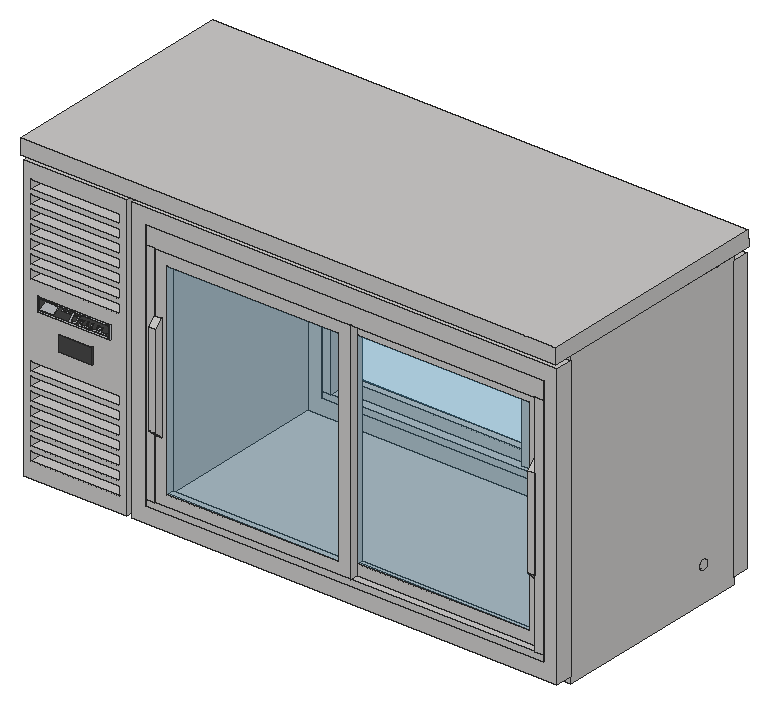
Revit family "QF_TRUE_TBR60-PTSZ1-L-B-11-11-1", category Specialty Equipment, Revit 2016
Family settings
  Part Type = Normal
  Round Connector Dimension = Use Diameter
  Work Plane-Based = No
  Always vertical = Yes
  Cut with Voids When Loaded = No
  Shared = No
  Room Calculation Point = No
Parameters
  Weight in Pounds = 0
  Watts = if(Phase = 3, Volts * FL Amps * 1.73, Volts * FL Amps)  # 0 W
  Waste Water Discharge Temperature = 0 °F
  Volts = 0 V
  URL Cutsheet = ""
  Steam Supply Volume = 0 GPM
  Steam Supply Size = 0"
  Steam Supply RI Height = 0"
  Steam Supply Minimum Pressure = 0.00 psi
  Steam Supply Maximum Pressure = 0.00 psi
  Steam Supply Connection Height = 0"
  Specification by User = ""
  Specification by Manufacturer = ""
  Show Logo [instance] = yes
  Show Clearance [instance] = yes
  Serial Number = ""
  Seismic Rating = ""
  SMACNA No = ""
  Revision Code = ""
  Plumbing Remarks = ""
  Plumbing Connection Type = ""
  Phase = 1
  Number of Poles = 1
  NAFEM Spec ID Number = ""
  Model = "TBR60-PTSZ1-L-B-11-11-1"
  Min Ckt Ampacity = 0 A
  Mechanical Remarks = ""
  Mechanical Connection Type = ""
  Max Overcurrent Protection = 0 A
  Masterspec = ""
  Manufacturer = "TRUE"
  Length = 60"
  Item Number = ""
  Installed By = ""
  Indirect Waste Size = 1/2"
  Indirect Waste Flow = 0 GPM
  Indirect Waste Connection Type = ""
  Indirect Waste Connection Height = 0"
  Identify Quantity as Lot = yes
  Height = 34 11/16"
  HP = "0"
  Furnished By = ""
  Foodservice Equipment Identifier = yes
  FL Amps = 0 A
  Electrical Remarks = ""
  Electric Connection Type = ""
  Elec Conn RI Height = 0"
  Elec Conn Connection Height = 0"
  Description = "REACH-IN SINGLE REFRIGERATOR"
  Depth = 28 7/32"
  Cycle = 0 Hz
  Conn Plug = ""
  Conn Conduit = yes
  Condensate Return Size = 1/2"
  Condensate Return RI Height = 0"
  Condensate Return Connection Height = 0"
  CSI MasterFormat = ""
  Apparent Power = if(Phase = 3, Volts * FL Amps * 1.73, Volts * FL Amps)  # 0 VA
Reference planes (in)
  plane 1 "BACK": y = 0
  plane 2: z = 0
  plane 3 "LEFT": x = 0
  plane 4 "RIGHT": x = 60
  plane 5 "FRONT": y = -28.21875
  plane 6 "TOP": z = 34.6875
  plane 7 "Center Y": x = 30
  plane 8 "Center X": y = -14.10937
  plane 9: z = 0.78125
  plane 10: z = 32.46875
  plane 11: x = 46.65625
  plane 12: z = 16
  plane 13: x = 46.65625
  plane 14: z = 16
Forms (in)
  Extrusion 1, solid, material "QF_Metal - Stainless - Polished"
    sketch origin (0, -2.73436, 0) x (0, 1, 0) y (0, 0, 1)
      loop
        line (-24.85939, 34.6875) -> (-24.85939, 32.9375) -> (2.07811, 32.9375) -> (2.07811, 34.6875) -> (-24.85939, 34.6875)
    from 0 to 60
  Extrusion 2, solid, material "QF_Plastic - Black - Transparent"
    sketch origin (0.04324, -27.40625, 0) x (1, 0, 0) y (0, 0, 1)
      loop
        line (4.20676, 16.37472) -> (4.20676, 14.62472) -> (7.87863, 14.62472) -> (7.87863, 16.37472) -> (4.20676, 16.37472)
    from 0 to 0.125
  Extrusion 3, solid, material "QF_Metal - Stainless - Polished"
    sketch origin (0, -6.34373, 0) x (1, 0, 0) y (0, 1, 0)
      loop
        circle (16.75, -1.34377) r 0.5
      loop
        circle (52.25, -0.71877) r 0.5
    from 0 to 0.125
  Extrusion 4, solid, material "QF_Metal - Stainless - Polished"
    sketch origin (60, -2.73436, 0) x (0, 0, 1) y (0, -1, 0)
      loop
        circle (3.9375, 4.32814) r 0.5
    from 0 to 0.125
  Extrusion 5, solid, material "QF_Metal - Stainless - Polished"
    sketch origin (0, -25.51563, 0) x (1, 0, 0) y (0, 0, 1)
      loop
        line (0.20313, 0.78125) -> (11.79688, 0.78125) -> (11.79688, 32.46875) -> (0.20313, 32.46875) -> (0.20313, 0.78125)
      loop
        line (1.03906, 30.81709) -> (1.03906, 29.81709) -> (10.96094, 29.81709) -> (10.96094, 30.81709) -> (1.03906, 30.81709)
      loop
        line (1.03906, 29.31709) -> (1.03906, 28.31709) -> (10.96094, 28.31709) -> (10.96094, 29.31709) -> (1.03906, 29.31709)
      loop
        line (1.03906, 27.81709) -> (1.03906, 26.81709) -> (10.96094, 26.81709) -> (10.96094, 27.81709) -> (1.03906, 27.81709)
      loop
        line (1.03906, 26.31709) -> (1.03906, 25.31709) -> (10.96094, 25.31709) -> (10.96094, 26.31709) -> (1.03906, 26.31709)
      loop
        line (1.03906, 24.81709) -> (1.03906, 23.81709) -> (10.96094, 23.81709) -> (10.96094, 24.81709) -> (1.03906, 24.81709)
      loop
        line (1.03906, 21.81709) -> (1.03906, 20.81709) -> (10.96094, 20.81709) -> (10.96094, 21.81709) -> (1.03906, 21.81709)
      loop
        line (1.03906, 23.31709) -> (1.03906, 22.31709) -> (10.96094, 22.31709) -> (10.96094, 23.31709) -> (1.03906, 23.31709)
      loop
        line (1.03906, 12.56709) -> (1.03906, 11.56709) -> (10.96094, 11.56709) -> (10.96094, 12.56709) -> (1.03906, 12.56709)
      loop
        line (1.03906, 11.06709) -> (1.03906, 10.06709) -> (10.96094, 10.06709) -> (10.96094, 11.06709) -> (1.03906, 11.06709)
      loop
        line (1.03906, 9.56709) -> (1.03906, 8.56709) -> (10.96094, 8.56709) -> (10.96094, 9.56709) -> (1.03906, 9.56709)
      loop
        line (1.03906, 8.06709) -> (1.03906, 7.06709) -> (10.96094, 7.06709) -> (10.96094, 8.06709) -> (1.03906, 8.06709)
      loop
        line (1.03906, 6.56709) -> (1.03906, 5.56709) -> (10.96094, 5.56709) -> (10.96094, 6.56709) -> (1.03906, 6.56709)
      loop
        line (1.03906, 3.56709) -> (1.03906, 2.56709) -> (10.96094, 2.56709) -> (10.96094, 3.56709) -> (1.03906, 3.56709)
      loop
        line (1.03906, 5.06709) -> (1.03906, 4.06709) -> (10.96094, 4.06709) -> (10.96094, 5.06709) -> (1.03906, 5.06709)
    from -0.01563 to 1.89062
  Extrusion 6, solid, material "QF_Metal - Stainless - Polished"
    sketch origin (0, -2.71874, 0) x (1, 0, 0) y (0, 0, 1)
      loop
        line (59, 0.78125) -> (59, 32.46875) -> (12.375, 32.46875) -> (12.375, 0.78125) -> (59, 0.78125)
      loop
        line (60, 32.9375) -> (0, 32.9375) -> (0, 0) -> (60, 0) -> (60, 32.9375)
    from 0.03126 to 22.78126
  Extrusion 7, solid, material "QF_Metal - Stainless - Polished"
    sketch origin (0, -2.73437, 0) x (1, 0, 0) y (0, 0, -1)
      loop
        line (0.20313, -0.78125) -> (0.20313, -32.46875) -> (11.79688, -32.46875) -> (11.79688, -0.78125) -> (0.20313, -0.78125)
      loop
        line (1.03906, -30.81709) -> (10.96094, -30.81709) -> (10.96094, -29.81709) -> (1.03906, -29.81709) -> (1.03906, -30.81709)
      loop
        line (1.03906, -29.31709) -> (10.96094, -29.31709) -> (10.96094, -28.31709) -> (1.03906, -28.31709) -> (1.03906, -29.31709)
      loop
        line (1.03906, -27.81709) -> (10.96094, -27.81709) -> (10.96094, -26.81709) -> (1.03906, -26.81709) -> (1.03906, -27.81709)
      loop
        line (1.03906, -26.31709) -> (10.96094, -26.31709) -> (10.96094, -25.31709) -> (1.03906, -25.31709) -> (1.03906, -26.31709)
      loop
        line (1.03906, -24.81709) -> (10.96094, -24.81709) -> (10.96094, -23.81709) -> (1.03906, -23.81709) -> (1.03906, -24.81709)
      loop
        line (1.03906, -21.81709) -> (10.96094, -21.81709) -> (10.96094, -20.81709) -> (1.03906, -20.81709) -> (1.03906, -21.81709)
      loop
        line (1.03906, -23.31709) -> (10.96094, -23.31709) -> (10.96094, -22.31709) -> (1.03906, -22.31709) -> (1.03906, -23.31709)
      loop
        line (1.03906, -12.56709) -> (10.96094, -12.56709) -> (10.96094, -11.56709) -> (1.03906, -11.56709) -> (1.03906, -12.56709)
      loop
        line (1.03906, -11.06709) -> (10.96094, -11.06709) -> (10.96094, -10.06709) -> (1.03906, -10.06709) -> (1.03906, -11.06709)
      loop
        line (1.03906, -9.56709) -> (10.96094, -9.56709) -> (10.96094, -8.56709) -> (1.03906, -8.56709) -> (1.03906, -9.56709)
      loop
        line (1.03906, -8.06709) -> (10.96094, -8.06709) -> (10.96094, -7.06709) -> (1.03906, -7.06709) -> (1.03906, -8.06709)
      loop
        line (1.03906, -6.56709) -> (10.96094, -6.56709) -> (10.96094, -5.56709) -> (1.03906, -5.56709) -> (1.03906, -6.56709)
      loop
        line (1.03906, -3.56709) -> (10.96094, -3.56709) -> (10.96094, -2.56709) -> (1.03906, -2.56709) -> (1.03906, -3.56709)
      loop
        line (1.03906, -5.06709) -> (10.96094, -5.06709) -> (10.96094, -4.06709) -> (1.03906, -4.06709) -> (1.03906, -5.06709)
    from -0.01563 to 1.89062
  Extrusion 8, solid, material "QF_Metal - Stainless - Polished"
    sketch origin (0.20313, -2.73437, 0.78125) x (0, -1, 0) y (-1, 0, 0)
      loop
        circle (-0.9375, -5.79688) r 0.25
    from 0 to 0.25
  Extrusion 9, solid, material "QF_Metal - Stainless - Polished"
    sketch origin (0, -25.5, 0) x (1, 0, 0) y (0, 0, 1)
      loop
        line (12.375, 0.78125) -> (60, 0.78125) -> (60, 32.46875) -> (12.375, 32.46875) -> (12.375, 0.78125)
      loop
        line (13.875, 30.71875) -> (13.875, 2.53125) -> (58.5, 2.53125) -> (58.5, 30.71875) -> (13.875, 30.71875)
    from 0 to 1.90625
  Extrusion 10, solid, material "QF_Metal - Stainless - Polished"
    sketch origin (0, -25.5, 0) x (-1, 0, 0) y (0, 0, 1)
      loop
        line (-13.875, 30.71875) -> (-58.5, 30.71875) -> (-58.5, 28.76563) -> (-13.875, 28.76563) -> (-13.875, 30.71875)
      loop
        line (-58.5, 3.23437) -> (-58.5, 2.53125) -> (-13.875, 2.53125) -> (-13.875, 3.23437) -> (-58.5, 3.23437)
    from 0 to -1.90625
  Extrusion 11, solid, material "QF_Metal - Stainless - Polished"
    sketch origin (0, -25.5, 0) x (-1, 0, 0) y (0, 0, 1)
      loop
        line (-13.875, 28.76562) -> (-14.90625, 28.76562) -> (-14.90625, 3.23437) -> (-13.875, 3.23437) -> (-13.875, 28.76562)
      loop
        line (-58.5, 28.76562) -> (-58.5, 3.23437) -> (-57.46875, 3.23437) -> (-57.46875, 28.76562) -> (-58.5, 28.76562)
    from 0 to -1.90625
  Extrusion 12, solid, material "QF_Metal - Stainless - Polished"
    sketch origin (0.03125, -27.40625, 0) x (1, 0, 0) y (0, 0, 1)
      loop
        line (14.875, 28.76563) -> (14.875, 3.23438) -> (36.875, 3.23438) -> (36.875, 28.76563) -> (14.875, 28.76563)
      loop
        line (16.23438, 27.48438) -> (16.23438, 4.51563) -> (35.51563, 4.51563) -> (35.51563, 27.48438) -> (16.23438, 27.48438)
    from 0 to -0.82813
  Extrusion 13, solid, material "QF_Metal - Stainless - Polished"
    sketch origin (14.90625, -27.40625, 3.23437) x (0, 0, 1) y (0, 1, 0)
      loop
        line (18.78125, 0) -> (6.75, 0) -> (7.5625, -0.8125) -> (17.96875, -0.8125) -> (18.78125, 0)
    from 0 to -0.75
  Extrusion 14, solid, material "Glass"
    sketch origin (0.03125, -27.40625, 0) x (1, 0, 0) y (0, 0, 1)
      loop
        line (16.23438, 27.48438) -> (16.23438, 4.51563) -> (35.51563, 4.51563) -> (35.51563, 27.48438) -> (16.23438, 27.48438)
    from 0 to -0.125
  Extrusion 15, solid, material "QF_Metal - Stainless - Polished"
    sketch origin (56.71875, -26.57812, 28.46875) x (0, 0, 1) y (0, 1, 0)
      loop
        line (-6.5, 0) -> (-18.4375, 0) -> (-17.60937, -0.82813) -> (-7.32813, -0.82813) -> (-6.5, 0)
    from 0 to -0.75
  Extrusion 16, solid, material "QF_Metal - Stainless - Polished"
    sketch origin (-0.03125, -26.57812, 0) x (-1, 0, 0) y (0, 0, 1)
      loop
        line (-57.5, 28.76563) -> (-57.5, 3.23437) -> (-35.875, 3.23437) -> (-35.875, 28.76563) -> (-57.5, 28.76563)
      loop
        line (-56.32813, 27.48437) -> (-56.32813, 4.51562) -> (-37.04688, 4.51562) -> (-37.04688, 27.48437) -> (-56.32813, 27.48437)
    from 0 to 0.5
  Extrusion 17, solid, material "Glass"
    sketch origin (-0.03125, -26.57812, 0) x (1, 0, 0) y (0, 0, 1)
      loop
        line (37.04688, 27.48437) -> (37.04688, 4.51562) -> (56.32813, 4.51562) -> (56.32813, 27.48437) -> (37.04688, 27.48437)
    from 0 to -0.125
  Extrusion 18, solid, material "QF_Metal - Stainless - Polished"
    sketch origin (0, -2.75, 0) x (-1, 0, 0) y (0, 0, -1)
      loop
        line (-13.875, -30.71875) -> (-13.875, -28.76563) -> (-58.5, -28.76563) -> (-58.5, -30.71875) -> (-13.875, -30.71875)
      loop
        line (-58.5, -3.23437) -> (-13.875, -3.23437) -> (-13.875, -2.53125) -> (-58.5, -2.53125) -> (-58.5, -3.23437)
    from 0 to -1.90625
  Extrusion 19, solid, material "QF_Metal - Stainless - Polished"
    sketch origin (0, -2.75, 0) x (-1, 0, 0) y (0, 0, -1)
      loop
        line (-13.875, -28.76562) -> (-13.875, -3.23437) -> (-14.90625, -3.23437) -> (-14.90625, -28.76562) -> (-13.875, -28.76562)
      loop
        line (-58.5, -28.76562) -> (-57.46875, -28.76562) -> (-57.46875, -3.23437) -> (-58.5, -3.23437) -> (-58.5, -28.76562)
    from 0 to -1.90625
  Extrusion 20, solid, material "QF_Metal - Stainless - Polished"
    sketch origin (0.03125, -0.84375, 0) x (1, 0, 0) y (0, 0, -1)
      loop
        line (14.875, -28.76563) -> (36.875, -28.76563) -> (36.875, -3.23438) -> (14.875, -3.23438) -> (14.875, -28.76563)
      loop
        line (16.23438, -27.48438) -> (35.51563, -27.48438) -> (35.51563, -4.51563) -> (16.23438, -4.51563) -> (16.23438, -27.48438)
    from 0 to -0.82813
  Extrusion 21, solid, material "QF_Metal - Stainless - Polished"
    sketch origin (14.90625, -0.84375, 3.23437) x (0, 0, 1) y (0, 1, 0)
      loop
        line (18.78125, 0) -> (17.9375, 0.84375) -> (7.59375, 0.84375) -> (6.75, 0) -> (18.78125, 0)
    from 0 to -0.75
  Extrusion 22, solid, material "Glass"
    sketch origin (0.03125, -0.84375, 0) x (1, 0, 0) y (0, 0, -1)
      loop
        line (16.23438, -27.48438) -> (35.51563, -27.48438) -> (35.51563, -4.51563) -> (16.23438, -4.51563) -> (16.23438, -27.48438)
    from 0 to -0.125
  Extrusion 23, solid, material "QF_Metal - Stainless - Polished"
    sketch origin (56.71875, -1.67188, 28.46875) x (0, 0, 1) y (0, 1, 0)
      loop
        line (-6.5, 0) -> (-7.32813, 0.82813) -> (-17.60937, 0.82813) -> (-18.4375, 0) -> (-6.5, 0)
    from 0 to -0.75
  Extrusion 24, solid, material "QF_Metal - Stainless - Polished"
    sketch origin (-0.03125, -1.67188, 0) x (-1, 0, 0) y (0, 0, -1)
      loop
        line (-57.5, -28.76563) -> (-35.875, -28.76563) -> (-35.875, -3.23437) -> (-57.5, -3.23437) -> (-57.5, -28.76563)
      loop
        line (-56.32813, -27.48437) -> (-37.04688, -27.48437) -> (-37.04688, -4.51562) -> (-56.32813, -4.51562) -> (-56.32813, -27.48437)
    from 0 to 0.5
  Extrusion 25, solid, material "Glass"
    sketch origin (-0.03125, -1.67188, 0) x (1, 0, 0) y (0, 0, -1)
      loop
        line (37.04688, -27.48437) -> (56.32813, -27.48437) -> (56.32813, -4.51562) -> (37.04688, -4.51562) -> (37.04688, -27.48437)
    from 0 to -0.125
  Extrusion 26, solid, material "QF_Metal - Stainless - Polished"
    sketch origin (0, -2.75, 0) x (1, 0, 0) y (0, 0, -1)
      loop
        line (12.375, -0.78125) -> (12.375, -32.46875) -> (60, -32.46875) -> (60, -0.78125) -> (12.375, -0.78125)
      loop
        line (13.875, -30.71875) -> (58.5, -30.71875) -> (58.5, -2.53125) -> (13.875, -2.53125) -> (13.875, -30.71875)
    from 0 to 1.90625
Lines and regions (in)
  Split face 1
    outline origin (0, -25.5, 0) x (1, 0, 0) y (0, 0, 1)
      loop
        line (1.03906, 30.81709) -> (1.03906, 2.56709) -> (11.08594, 2.56709) -> (11.08594, 30.81709) -> (1.03906, 30.81709)
  Split face 2
    outline origin (0, -2.75, 0) x (1, 0, 0) y (0, 0, 1)
      loop
        line (11.08594, 30.81709) -> (1.03906, 30.81709) -> (1.03906, 2.56709) -> (11.08594, 2.56709) -> (11.08594, 30.81709)
  symbolic lines
    curve 1: line (0, -27.59375, 0) -> (0, -0.65625, 0)
    curve 2: line (60, -27.59375, 0) -> (0, -27.59375, 0)
    curve 3: line (60, -0.65625, 0) -> (60, -27.59375, 0)
    curve 4: line (0, -0.65625, 0) -> (60, -0.65625, 0)
    curve 5: line (14.90625, 0, 0) -> (14.90625, -0.65625, 0)
    curve 6: line (14.90625, 0, 0) -> (15.65625, 0, 0)
    curve 7: line (15.65625, 0, 0) -> (15.65625, -0.65625, 0)
    curve 8: line (14.90625, -28.21875, 0) -> (14.90625, -27.59375, 0)
    curve 9: line (14.90625, -28.21875, 0) -> (15.65625, -28.21875, 0)
    curve 10: line (15.65625, -28.21875, 0) -> (15.65625, -27.59375, 0)
Dimensions and locks (in)
  equal spacing: plane 3 "LEFT", plane 7 "Center Y", plane 4 "RIGHT"
  "Length": plane 3 "LEFT" to plane 4 "RIGHT"
  equal spacing: plane 5 "FRONT", plane 8 "Center X", plane 1 "BACK"
  "Depth": plane 5 "FRONT" to plane 1 "BACK"
  "Height": plane 6 "TOP" to level
  plane 3 "LEFT" to plane 4 "RIGHT" = 60"
  plane 5 "FRONT" to plane 1 "BACK" = 28 7/32"
  plane 9 to level = 25/32"
  plane 6 "TOP" to plane 10 = 2 7/32"
  plane 10 to plane 9 = 31 11/16"
  Extrusion 4 sketch curve to level = 3 15/16"
  Extrusion 1 to Extrusion 3 sketch curve = 6 13/32"
  Extrusion 3 sketch curve to plane 4 "RIGHT" = 7 3/4"
  plane 3 "LEFT" to Extrusion 3 sketch curve = 16 3/4"
  Extrusion 1 to Extrusion 3 sketch curve = 7 1/32"
  Extrusion 1 to Extrusion 1 = 26 15/16"
  Extrusion 5 to Extrusion 7 = 26 9/16"
  Extrusion 17 to Extrusion 17 = 22 31/32"
  Extrusion 17 to Extrusion 17 = 19 9/32"
  Extrusion 12 to Extrusion 11 = 42 9/16"
  aligned and locked: level to plane 2
Automatic sketch dimensions
  Extrusion 2 sketch curve to Extrusion 2 sketch curve = 3 43/64"
  Extrusion 2 sketch curve to Extrusion 2 sketch curve = 1 3/4"
  Extrusion 5 sketch curve to Extrusion 5 sketch curve = 0"  (x25)
  Extrusion 5 sketch curve to Extrusion 5 sketch curve = 9 59/64"
  Extrusion 5 sketch curve to Extrusion 5 sketch curve = 107/128"  (x3)
  Extrusion 5 sketch curve to Extrusion 5 sketch curve = 1"  (x14)
  Extrusion 5 sketch curve to Extrusion 5 sketch curve = 1/2"  (x12)
  Extrusion 5 sketch curve to Extrusion 5 sketch curve = 8 1/4"
  Split face 1 sketch curve to Extrusion 6 = 1 5/128"
  Split face 1 sketch curve to Extrusion 6 = 1 37/128"
  Extrusion 6 to Split face 1 sketch curve = 1.78584"
  Extrusion 6 to Split face 1 sketch curve = 1.65166"
  Extrusion 7 sketch curve to Extrusion 7 sketch curve = 0"  (x25)
  Extrusion 7 sketch curve to Extrusion 7 sketch curve = 9 59/64"
  Extrusion 7 sketch curve to Extrusion 7 sketch curve = 107/128"  (x3)
  Extrusion 7 sketch curve to Extrusion 7 sketch curve = 1"  (x14)
  Extrusion 7 sketch curve to Extrusion 7 sketch curve = 1/2"  (x12)
  Extrusion 7 sketch curve to Extrusion 7 sketch curve = 8 1/4"
  Split face 2 sketch curve to Extrusion 6 = 1 5/128"
  Split face 2 sketch curve to Extrusion 6 = 1 37/128"
  Extrusion 6 to Split face 2 sketch curve = 1.78584"
  Extrusion 6 to Split face 2 sketch curve = 1.65166"
  Extrusion 8 sketch curve to Extrusion 7 = 61/64"
  Extrusion 8 sketch curve to Extrusion 7 = 5 51/64"
  Extrusion 9 sketch curve to Extrusion 9 sketch curve = 1 1/2"  (x2)
  Extrusion 9 to Extrusion 10 sketch curve = 0"  (x2)
  Extrusion 10 sketch curve to Extrusion 9 = 0"  (x4)
  Extrusion 9 to Extrusion 10 sketch curve = 45/64"
  Extrusion 10 sketch curve to Extrusion 10 sketch curve = 1 61/64"
  Extrusion 9 to Extrusion 11 sketch curve = 0"
  Extrusion 11 sketch curve to Extrusion 9 = 0"
  Extrusion 9 to Extrusion 11 sketch curve = 1 1/32"  (x2)
  Extrusion 9 to Extrusion 11 sketch curve = 45/64"  (x2)
  Extrusion 9 to Extrusion 11 sketch curve = 1 61/64"  (x2)
  Extrusion 12 sketch curve to Extrusion 12 sketch curve = 1 23/64"  (x2)
  Extrusion 12 sketch curve to Extrusion 12 sketch curve = 1 9/32"  (x2)
  Extrusion 13 sketch curve to Extrusion 12 = 0"
  Extrusion 12 to Extrusion 13 sketch curve = 6 3/4"
  Extrusion 13 sketch curve to Extrusion 13 sketch curve = 13/16"  (x2)
  Extrusion 13 sketch curve to Extrusion 12 = 13/16"
  Extrusion 13 sketch curve to Extrusion 12 = 7 9/16"
  Extrusion 15 sketch curve to Extrusion 15 sketch curve = 53/64"  (x3)
  Extrusion 15 sketch curve to Extrusion 15 sketch curve = 10 9/32"
  Extrusion 16 sketch curve to Extrusion 16 sketch curve = 1 11/64"  (x2)
  Extrusion 16 sketch curve to Extrusion 16 sketch curve = 1 9/32"  (x2)
  Extrusion 18 sketch curve to Extrusion 18 sketch curve = 1 61/64"
  Extrusion 18 sketch curve to Extrusion 18 sketch curve = 45/64"
  Extrusion 19 sketch curve to Extrusion 19 sketch curve = 1 1/32"  (x2)
  Extrusion 20 sketch curve to Extrusion 20 sketch curve = 1 23/64"  (x2)
  Extrusion 20 sketch curve to Extrusion 20 sketch curve = 1 9/32"  (x2)
  Extrusion 21 sketch curve to Extrusion 20 = 0"
  Extrusion 20 to Extrusion 21 sketch curve = 6 3/4"
  Extrusion 21 sketch curve to Extrusion 21 sketch curve = 27/32"  (x2)
  Extrusion 21 sketch curve to Extrusion 20 = 27/32"
  Extrusion 21 sketch curve to Extrusion 20 = 7 19/32"
  Extrusion 23 sketch curve to Extrusion 23 sketch curve = 53/64"  (x3)
  Extrusion 23 sketch curve to Extrusion 23 sketch curve = 10 9/32"
  Extrusion 24 sketch curve to Extrusion 24 sketch curve = 1 11/64"  (x2)
  Extrusion 24 sketch curve to Extrusion 24 sketch curve = 1 9/32"  (x2)
  Extrusion 26 sketch curve to Extrusion 26 sketch curve = 1 1/2"  (x2)
  Extrusion 1 sketch curve to Extrusion 1 sketch curve = 26 15/16"
  Extrusion 1 sketch curve to Extrusion 1 sketch curve = 1 3/4"
  Extrusion 5 sketch curve to Extrusion 5 sketch curve = 1.78584"
  Extrusion 5 sketch curve to Extrusion 5 sketch curve = 1.65166"
  Extrusion 6 sketch curve to Extrusion 6 sketch curve = 12 3/8"
  Extrusion 6 sketch curve to Extrusion 6 sketch curve = 46 5/8"
  Extrusion 6 sketch curve to Extrusion 6 sketch curve = 1"
  Extrusion 6 sketch curve to Extrusion 6 sketch curve = 25/32"
  Extrusion 6 sketch curve to Extrusion 6 sketch curve = 31 11/16"
  Extrusion 6 sketch curve to Extrusion 6 sketch curve = 15/32"
  Extrusion 7 sketch curve to Extrusion 7 sketch curve = 1.65166"
  Extrusion 7 sketch curve to Extrusion 7 sketch curve = 1.78584"
  Extrusion 9 sketch curve to Extrusion 9 sketch curve = 44 5/8"
  Extrusion 9 sketch curve to Extrusion 9 sketch curve = 1 3/4"  (x2)
  Extrusion 9 sketch curve to Extrusion 9 sketch curve = 28 3/16"
  Extrusion 12 sketch curve to Extrusion 12 sketch curve = 19 9/32"
  Extrusion 12 sketch curve to Extrusion 12 sketch curve = 22 31/32"
  Extrusion 14 sketch curve to Extrusion 14 sketch curve = 19 9/32"
  Extrusion 14 sketch curve to Extrusion 14 sketch curve = 22 31/32"
  Extrusion 16 sketch curve to Extrusion 16 sketch curve = 19 9/32"
  Extrusion 16 sketch curve to Extrusion 16 sketch curve = 22 31/32"
  Extrusion 17 sketch curve to plane 11 = 9 41/64"
  plane 11 to Extrusion 17 sketch curve = 9 41/64"
  plane 12 to Extrusion 17 sketch curve = 11 31/64"
  Extrusion 17 sketch curve to plane 12 = 11 31/64"
  Extrusion 18 sketch curve to Extrusion 18 sketch curve = 0"  (x2)
  Extrusion 18 sketch curve to Extrusion 18 sketch curve = 44 5/8"
  Extrusion 18 sketch curve to Extrusion 18 sketch curve = 25 17/32"
  Extrusion 19 sketch curve to Extrusion 19 sketch curve = 42 9/16"
  Extrusion 19 sketch curve to Extrusion 19 sketch curve = 0"
  Extrusion 19 sketch curve to Extrusion 19 sketch curve = 25 17/32"  (x2)
  Extrusion 20 sketch curve to Extrusion 20 sketch curve = 19 9/32"
  Extrusion 20 sketch curve to Extrusion 20 sketch curve = 22 31/32"
  Extrusion 22 sketch curve to Extrusion 22 sketch curve = 19 9/32"
  Extrusion 22 sketch curve to Extrusion 22 sketch curve = 22 31/32"
  Extrusion 24 sketch curve to Extrusion 24 sketch curve = 19 9/32"
  Extrusion 24 sketch curve to Extrusion 24 sketch curve = 22 31/32"
  Extrusion 25 sketch curve to plane 13 = 9 41/64"
  plane 13 to Extrusion 25 sketch curve = 9 41/64"
  Extrusion 25 sketch curve to plane 14 = 11 31/64"
  plane 14 to Extrusion 25 sketch curve = 11 31/64"
  Extrusion 26 sketch curve to Extrusion 26 sketch curve = 44 5/8"
  Extrusion 26 sketch curve to Extrusion 26 sketch curve = 1 3/4"  (x2)
  Extrusion 26 sketch curve to Extrusion 26 sketch curve = 28 3/16"
  Extrusion 1 sketch curve to plane 6 "TOP" = 0"
  Extrusion 1 sketch curve to plane 5 "FRONT" = 5/8"
  plane 3 "LEFT" to Extrusion 2 sketch curve = 4 1/4"
  plane 9 to Extrusion 2 sketch curve = 13.84347"
  plane 8 "Center X" to Extrusion 4 sketch curve = 7 3/64"
  Extrusion 5 sketch curve to plane 10 = 0"
  plane 3 "LEFT" to Extrusion 5 sketch curve = 13/64"
  Extrusion 6 sketch curve to plane 3 "LEFT" = 0"
  Extrusion 6 sketch curve to level = 0"
  Extrusion 7 sketch curve to plane 10 = 0"
  plane 3 "LEFT" to Extrusion 7 sketch curve = 13/64"
  Extrusion 9 sketch curve to plane 10 = 0"
  plane 4 "RIGHT" to Extrusion 9 sketch curve = 0"
  plane 9 to Extrusion 12 sketch curve = 2 29/64"
  plane 3 "LEFT" to Extrusion 12 sketch curve = 14 29/32"
  Extrusion 14 sketch curve to plane 10 = 4 63/64"
  Extrusion 14 sketch curve to plane 7 "Center Y" = 13 47/64"
  Extrusion 15 sketch curve to plane 5 "FRONT" = 1 41/64"
  plane 9 to Extrusion 15 sketch curve = 9 1/4"
  plane 4 "RIGHT" to Extrusion 16 sketch curve = 2 17/32"
  plane 9 to Extrusion 16 sketch curve = 2 29/64"
  plane 4 "RIGHT" to Extrusion 18 sketch curve = 1 1/2"
  Extrusion 18 sketch curve to plane 10 = 1 3/4"
  plane 4 "RIGHT" to Extrusion 19 sketch curve = 1 1/2"
  Extrusion 19 sketch curve to plane 10 = 3 45/64"
  plane 9 to Extrusion 20 sketch curve = 2 29/64"
  plane 3 "LEFT" to Extrusion 20 sketch curve = 14 29/32"
  Extrusion 22 sketch curve to plane 10 = 4 63/64"
  Extrusion 22 sketch curve to plane 7 "Center Y" = 13 47/64"
  plane 1 "BACK" to Extrusion 23 sketch curve = 1 43/64"
  plane 9 to Extrusion 23 sketch curve = 9 1/4"
  plane 4 "RIGHT" to Extrusion 24 sketch curve = 2 17/32"
  Extrusion 24 sketch curve to plane 10 = 3 45/64"
  Extrusion 26 sketch curve to plane 10 = 0"
  plane 4 "RIGHT" to Extrusion 26 sketch curve = 0"
  curve 1 to plane 3 "LEFT" = 0"
  plane 5 "FRONT" to curve 8 = 0"
  plane 1 "BACK" to curve 6 = 0"
  curve 3 to plane 4 "RIGHT" = 0"
  plane 3 "LEFT" to curve 8 = 14 29/32"
  plane 3 "LEFT" to curve 6 = 14 29/32"
  curve 5 to curve 6 = 3/4"
  curve 3 to plane 5 "FRONT" = 5/8"
  plane 1 "BACK" to curve 1 = 21/32"
  curve 8 to curve 10 = 3/4"
  radius of Extrusion 3 sketch curve = 1/2"  (x2)
  radius of Extrusion 4 sketch curve = 1/2"
  radius of Extrusion 8 sketch curve = 1/4"
Nested families (in)
  nested 1: "QF_LOGO_TRUE" at (1.85445, -27.40625, 17.85445), visible <- "Show Logo", Show Logo <- "Show Logo", type "QF_LOGO_TRUE", detail levels medium+fine
    with Show Logo yes
Connectors (in)
  electrical at (6, -1.79688, 0.53125), driven by "Volts", driven by "Watts"
    settings: on Extrusion 8, index 1, voltage 0 V, apparent load 0 VA, apparent load phase1 0 VA, apparent load phase2 0 VA, apparent load phase3 0 VA, power factor 1, load classification "Other", number of poles 1, system type 30, power factor state 1, is connector primary yes, connector utility no, sub classification motor no, connector description "ELECTRICAL CONNECTION"
  piping at (16.75, -7.6875, 0), diameter 2.25
    settings: on Extrusion 3, index 2, connector inside diameter 24", connector length 0", flow factor 0, pipe flow 0 GPM, pressure drop 0.00 psi, fitting loss kfactor 0, connector angle 0.00°, fixture units 0, engagement length 0", angle of deflection 0.00°, flow configuration 1, flow direction 2, fitting loss method 0, system type 16, joint type 0, gender type 0, connector reference index -1, connector utility 0, adjustable connector no, is connector primary yes, connector description "FLOOR ACCESS"
  piping at (52.25, -7.0625, 0), diameter 0.5, driven by "Indirect Waste Flow", driven by "Indirect Waste Size"
    settings: on Extrusion 3, index 3, connector inside diameter 24", connector length 0", flow factor 0, pipe flow 0 GPM, pressure drop 0.00 psi, fitting loss kfactor 0, connector angle 0.00°, fixture units 0, engagement length 0", angle of deflection 0.00°, flow configuration 1, flow direction 2, fitting loss method 0, system type 16, joint type 0, gender type 0, connector reference index -1, connector utility 0, adjustable connector no, is connector primary no, connector description "DRAIN"
  piping at (60.125, -7.0625, 3.9375), diameter 1
    settings: on Extrusion 4, index 4, connector inside diameter 24", connector length 0", flow factor 0, pipe flow 0 GPM, pressure drop 0.00 psi, fitting loss kfactor 0, connector angle 0.00°, fixture units 0, engagement length 0", angle of deflection 0.00°, flow configuration 1, flow direction 1, fitting loss method 0, system type 7, joint type 0, gender type 0, connector reference index -1, connector utility 0, adjustable connector no, is connector primary no, connector description "CONDENSING UNIT"
Definition of nested family "QF_LOGO_TRUE"
  Parameters (values of type "QF_LOGO_TRUE")
    Show Logo [instance] = yes
  Reference planes (in)
    plane 1 "Center (Front/Back)": y = 0
    plane 2: z = 0
    plane 3 "Center (Left/Right)": x = 0
  Forms (in)
    Extrusion 1, solid, visible <- "Show Logo"
      sketch origin (-78.34647, 34.76905, -30.51001) x (1, 0, 0) y (0, 0, 1)
        loop
          line (81.15226, 31.65456) -> (81.07353, 31.48573) -> (82.12083, 31.48573)
          arc (82.12083, 31.48573) -> (82.14208, 31.44814) -> (82.12083, 31.41055) r 0.04386
          line (82.12083, 31.41055) -> (81.84767, 30.82478)
          arc (81.84767, 30.82478) -> (81.84531, 30.77052) -> (81.882, 30.73048) r 0.07096
          line (81.882, 30.73048) -> (82.55165, 30.73048)
          arc (82.55165, 30.73048) -> (82.63621, 30.75714) -> (82.69019, 30.82748) r 0.14742
          line (82.69019, 30.82748) -> (82.90515, 31.28847) -> (83.10265, 31.28847)
          arc (83.10265, 31.28847) -> (83.15447, 31.26942) -> (83.14697, 31.21472) r 0.04405
          line (83.14697, 31.21472) -> (82.9671, 30.82899)
          arc (82.9671, 30.82899) -> (82.9699, 30.76493) -> (83.02398, 30.73048) r 0.06943
          line (83.02398, 30.73048) -> (83.6124, 30.73048)
          arc (83.6124, 30.73048) -> (83.65748, 30.74689) -> (83.68147, 30.78844) r 0.07014
          arc (83.68147, 30.78844) -> (83.69845, 30.74745) -> (83.73943, 30.73048) r 0.05796
          line (83.73943, 30.73048) -> (84.112, 30.73048)
          arc (84.112, 30.73048) -> (84.15504, 30.74201) -> (84.18655, 30.77352) r 0.08608
          arc (84.18655, 30.77352) -> (84.20164, 30.7371) -> (84.23806, 30.72202) r 0.0515
          line (84.23806, 30.72202) -> (84.76757, 30.72202)
          arc (84.76757, 30.72202) -> (84.81086, 30.73995) -> (84.8288, 30.78324) r 0.06122
          arc (84.8288, 30.78324) -> (84.86848, 30.74355) -> (84.92269, 30.72903) r 0.10842
          line (84.92269, 30.72903) -> (85.91461, 30.72903) -> (86.02479, 30.91987) -> (85.0243, 30.91987)
          arc (85.0243, 30.91987) -> (84.99669, 30.93902) -> (84.99566, 30.97261) r 0.03732
          line (84.99566, 30.97261) -> (85.01297, 31.00972)
          arc (85.01297, 31.00972) -> (85.03954, 31.04453) -> (85.0813, 31.05774) r 0.07263
          line (85.0813, 31.05774) -> (85.40289, 31.05774)
          arc (85.40289, 31.05774) -> (85.4723, 31.07633) -> (85.52311, 31.12715) r 0.13882
          line (85.52311, 31.12715) -> (85.61625, 31.28847)
          arc (85.61625, 31.28847) -> (85.61625, 31.37458) -> (85.54168, 31.41763) r 0.08611
          line (85.54168, 31.41763) -> (85.20227, 31.41763)
          arc (85.20227, 31.41763) -> (85.11574, 31.40294) -> (85.05538, 31.33923) r 0.13863
          line (85.05538, 31.33923) -> (84.89409, 30.99333)
          arc (84.89409, 30.99333) -> (84.84649, 30.9313) -> (84.77191, 30.90778) r 0.13002
          line (84.77191, 30.90778) -> (84.41984, 30.90778)
          arc (84.41984, 30.90778) -> (84.3777, 30.95378) -> (84.38042, 31.0161) r 0.08151
          line (84.38042, 31.0161) -> (84.56766, 31.41763) -> (84.44849, 31.41763) -> (84.25012, 30.99222)
          arc (84.25012, 30.99222) -> (84.21158, 30.94199) -> (84.15119, 30.92296) r 0.10527
          line (84.15119, 30.92296) -> (83.90842, 30.92296)
          arc (83.90842, 30.92296) -> (83.8674, 30.97642) -> (83.87619, 31.04323) r 0.08805
          line (83.87619, 31.04323) -> (84.05078, 31.41763) -> (83.92772, 31.41763) -> (83.72676, 30.98668)
          arc (83.72676, 30.98668) -> (83.68011, 30.94003) -> (83.61639, 30.92296) r 0.12745
          line (83.61639, 30.92296) -> (83.26484, 30.92296)
          arc (83.26484, 30.92296) -> (83.2017, 30.9524) -> (83.19563, 31.0218) r 0.06967
          line (83.19563, 31.0218) -> (83.31118, 31.26961) -> (83.47452, 31.26961)
          arc (83.47452, 31.26961) -> (83.50209, 31.35268) -> (83.56075, 31.41763) r 0.21289
          line (83.56075, 31.41763) -> (82.92244, 31.41763)
          arc (82.92244, 31.41763) -> (82.85151, 31.40191) -> (82.80242, 31.34834) r 0.12081
          line (82.80242, 31.34834) -> (82.6294, 30.9773)
          arc (82.6294, 30.9773) -> (82.58962, 30.93752) -> (82.53528, 30.92296) r 0.10869
          line (82.53528, 30.92296) -> (82.1542, 30.92296)
          arc (82.1542, 30.92296) -> (82.12446, 30.96315) -> (82.13012, 31.01283) r 0.06822
          line (82.13012, 31.01283) -> (82.38156, 31.48573) -> (83.01596, 31.48573) -> (83.09469, 31.65456) -> (82.46029, 31.65456) -> (82.53902, 31.8234) -> (82.31334, 31.8234) -> (82.23461, 31.65456) -> (81.15226, 31.65456)
        loop
          arc (85.15937, 31.26434) -> (85.13191, 31.25698) -> (85.1118, 31.23688) r 0.05494
          line (85.1118, 31.23688) -> (85.09547, 31.18665)
          arc (85.09547, 31.18665) -> (85.10304, 31.16837) -> (85.12133, 31.16079) r 0.02586
          line (85.12133, 31.16079) -> (85.39889, 31.16079)
          arc (85.39889, 31.16079) -> (85.41888, 31.16523) -> (85.43513, 31.1777) r 0.04731
          line (85.43513, 31.1777) -> (85.44863, 31.2402)
          arc (85.44863, 31.2402) -> (85.44466, 31.25693) -> (85.42914, 31.26434) r 0.01994
          line (85.42914, 31.26434) -> (85.15937, 31.26434)
        loop
          line (78.62961, 30.74125) -> (80.12032, 30.74125) -> (80.73891, 31.81268) -> (79.2482, 31.81268) -> (78.62961, 30.74125)
      from 34.76797 to 34.83173
    Extrusion 2, solid, visible <- "Show Logo"
      sketch origin (-142.84857, 34.75108, -33.3546) x (1, 0, 0) y (0, 0, 1)
        loop
          line (150.81107, 34.71978) -> (142.98607, 34.71978) -> (142.98607, 33.4921) -> (150.81107, 33.4921) -> (150.81107, 34.71978)
      from 34.75108 to 34.78125
    Extrusion 3, solid, visible <- "Show Logo"
      sketch origin (-142.84857, 34.75108, -33.3546) x (1, 0, 0) y (0, 0, 1)
        loop
          line (150.94857, 34.85727) -> (142.84857, 34.85727) -> (142.84857, 33.3546) -> (150.94857, 33.3546) -> (150.94857, 34.85727)
        loop
          line (142.98607, 34.71978) -> (142.98607, 33.4921) -> (150.81107, 33.4921) -> (150.81107, 34.71978) -> (142.98607, 34.71978)
      from 34.75108 to 34.81376
    Extrusion 4, solid, not visible
      sketch origin (121.45701, -16.5, 4.98235) x (1, 0, 0) y (0, 0, 1)
        loop
          line (25.20115, 35.89949) -> (25.20115, 33.96647) -> (30.95381, 33.96647) -> (30.95381, 35.89949) -> (25.20115, 35.89949)
      from 31.5 to 31.54261
    Extrusion 5, solid, not visible
      sketch origin (121.45701, -16.5, 4.98235) x (1, 0, 0) y (0, 0, 1)
        loop
          line (26.7387, 34.95472) -> (26.61492, 34.49276) -> (27.038, 34.49276)
          arc (27.038, 34.49276) -> (27.13117, 34.52484) -> (27.18485, 34.60749) r 0.15134
          arc (27.18485, 34.60749) -> (27.20396, 34.68138) -> (27.22435, 34.75493) r 4.37326
          arc (27.22435, 34.75493) -> (27.23458, 34.81765) -> (27.22435, 34.88037) r 0.1974
          arc (27.22435, 34.88037) -> (27.18247, 34.93579) -> (27.11563, 34.95472) r 0.10914
          line (27.11563, 34.95472) -> (26.7387, 34.95472)
        loop
          line (26.90201, 34.80638) -> (26.84645, 34.59903) -> (26.92855, 34.59903)
          arc (26.92855, 34.59903) -> (26.98205, 34.6185) -> (27.01051, 34.6678) r 0.08322
          line (27.01051, 34.6678) -> (27.02399, 34.74424)
          arc (27.02399, 34.74424) -> (27.01491, 34.78454) -> (26.97985, 34.80638) r 0.05353
          line (26.97985, 34.80638) -> (26.90201, 34.80638)
        loop
          line (27.45336, 34.66131) -> (27.76233, 34.66131) -> (27.78859, 34.73909)
          arc (27.78859, 34.73909) -> (27.7878, 34.82039) -> (27.73107, 34.87864) r 0.10925
          arc (27.73107, 34.87864) -> (27.68233, 34.8944) -> (27.63139, 34.89974) r 0.24595
          line (27.63139, 34.89974) -> (27.46708, 34.89974)
          arc (27.46708, 34.89974) -> (27.4068, 34.88073) -> (27.3535, 34.84677) r 0.2421
          arc (27.3535, 34.84677) -> (27.2897, 34.76363) -> (27.26702, 34.66131) r 0.2421
          line (27.26702, 34.66131) -> (27.26702, 34.54477)
          arc (27.26702, 34.54477) -> (27.31618, 34.4956) -> (27.38334, 34.47761) r 0.13431
          line (27.38334, 34.47761) -> (27.59054, 34.47761)
          arc (27.59054, 34.47761) -> (27.63459, 34.48281) -> (27.67622, 34.49812) r 0.18924
          line (27.67622, 34.49812) -> (27.73102, 34.61563)
          arc (27.73102, 34.61563) -> (27.68453, 34.59565) -> (27.63566, 34.58252) r 0.35376
          arc (27.63566, 34.58252) -> (27.55885, 34.56956) -> (27.48204, 34.58252) r 0.23415
          arc (27.48204, 34.58252) -> (27.44492, 34.61362) -> (27.45336, 34.66131) r 0.04838
        loop
          line (27.4842, 34.73042) -> (27.62012, 34.73042) -> (27.62621, 34.76496)
          arc (27.62621, 34.76496) -> (27.58961, 34.80242) -> (27.53739, 34.80638) r 0.0742
          arc (27.53739, 34.80638) -> (27.49747, 34.77773) -> (27.4842, 34.73042) r 0.0742
        loop
          line (27.91616, 34.97572) -> (27.78675, 34.49276) -> (27.98645, 34.49276) -> (28.11586, 34.97572) -> (27.91616, 34.97572)
        loop
          line (28.13678, 34.66131) -> (28.08755, 34.47761) -> (28.27134, 34.47761) -> (28.32056, 34.66131) -> (28.43674, 34.66131) -> (28.47974, 34.78864) -> (28.36519, 34.78864)
          arc (28.36519, 34.78864) -> (28.35733, 34.81649) -> (28.36921, 34.84288) r 0.04231
          arc (28.36921, 34.84288) -> (28.431, 34.8652) -> (28.49617, 34.85686) r 0.13988
          line (28.49617, 34.85686) -> (28.53544, 34.97317)
          arc (28.53544, 34.97317) -> (28.39725, 34.99096) -> (28.25905, 34.97317) r 0.54546
          arc (28.25905, 34.97317) -> (28.20849, 34.91994) -> (28.18197, 34.85147) r 0.1894
          line (28.18197, 34.85147) -> (28.17089, 34.78864) -> (28.11397, 34.78864) -> (28.07985, 34.66131) -> (28.13678, 34.66131)
        loop
          arc (28.74846, 34.89756) -> (28.65884, 34.88533) -> (28.56922, 34.89756) r 0.33455
          line (28.56922, 34.89756) -> (28.45669, 34.47761) -> (28.63593, 34.47761) -> (28.74846, 34.89756)
        loop
          arc (28.60398, 35.01195) -> (28.57699, 34.97173) -> (28.60398, 34.9315) r 0.04347
          line (28.60398, 34.9315) -> (28.75755, 34.9315)
          arc (28.75755, 34.9315) -> (28.78645, 34.96687) -> (28.77911, 35.01195) r 0.0556
          line (28.77911, 35.01195) -> (28.60398, 35.01195)
        loop
          line (28.95336, 34.66131) -> (29.26233, 34.66131) -> (29.28859, 34.73909)
          arc (29.28859, 34.73909) -> (29.2878, 34.82039) -> (29.23107, 34.87864) r 0.10925
          arc (29.23107, 34.87864) -> (29.18233, 34.8944) -> (29.13139, 34.89974) r 0.24595
          line (29.13139, 34.89974) -> (28.96708, 34.89974)
          arc (28.96708, 34.89974) -> (28.9068, 34.88073) -> (28.8535, 34.84677) r 0.2421
          arc (28.8535, 34.84677) -> (28.7897, 34.76363) -> (28.76702, 34.66131) r 0.2421
          line (28.76702, 34.66131) -> (28.76702, 34.54477)
          arc (28.76702, 34.54477) -> (28.81618, 34.4956) -> (28.88334, 34.47761) r 0.13431
          line (28.88334, 34.47761) -> (29.09054, 34.47761)
          arc (29.09054, 34.47761) -> (29.13459, 34.48281) -> (29.17622, 34.49812) r 0.18924
          line (29.17622, 34.49812) -> (29.23102, 34.61563)
          arc (29.23102, 34.61563) -> (29.18453, 34.59565) -> (29.13566, 34.58252) r 0.35376
          arc (29.13566, 34.58252) -> (29.05885, 34.56956) -> (28.98204, 34.58252) r 0.23415
          arc (28.98204, 34.58252) -> (28.94492, 34.61362) -> (28.95336, 34.66131) r 0.04838
        loop
          line (28.9842, 34.73042) -> (29.12012, 34.73042) -> (29.12621, 34.76496)
          arc (29.12621, 34.76496) -> (29.08961, 34.80242) -> (29.03739, 34.80638) r 0.0742
          arc (29.03739, 34.80638) -> (28.99747, 34.77773) -> (28.9842, 34.73042) r 0.0742
        loop
          line (29.41616, 34.97572) -> (29.28675, 34.49276) -> (29.48645, 34.49276) -> (29.61586, 34.97572) -> (29.41616, 34.97572)
        loop
          line (29.99836, 34.97572) -> (29.95192, 34.80242)
          arc (29.95192, 34.80242) -> (29.94473, 34.85705) -> (29.90102, 34.89059) r 0.07199
          arc (29.90102, 34.89059) -> (29.80023, 34.89941) -> (29.70251, 34.87322) r 0.29131
          arc (29.70251, 34.87322) -> (29.61806, 34.7652) -> (29.5896, 34.63108) r 0.30433
          line (29.5896, 34.63108) -> (29.5896, 34.55572)
          arc (29.5896, 34.55572) -> (29.61075, 34.50463) -> (29.66184, 34.48348) r 0.07224
          line (29.66184, 34.48348) -> (29.78537, 34.48348)
          arc (29.78537, 34.48348) -> (29.83854, 34.51313) -> (29.88504, 34.55243) r 0.31609
          line (29.88504, 34.55243) -> (29.86905, 34.49276) -> (30.05973, 34.49276) -> (30.18914, 34.97572) -> (29.99836, 34.97572)
        loop
          arc (29.84537, 34.75931) -> (29.79424, 34.71128) -> (29.77745, 34.64317) r 0.12371
          arc (29.77745, 34.64317) -> (29.80071, 34.59901) -> (29.85056, 34.59647) r 0.05045
          arc (29.85056, 34.59647) -> (29.90141, 34.64047) -> (29.92536, 34.7033) r 0.13769
          arc (29.92536, 34.7033) -> (29.90211, 34.75521) -> (29.84537, 34.75931) r 0.05543
        loop
          line (26.45047, 35.26762) -> (26.58211, 35.26762)
          arc (26.58211, 35.26762) -> (26.60467, 35.30821) -> (26.62126, 35.35157) r 0.3277
          arc (26.62126, 35.35157) -> (26.62714, 35.39992) -> (26.60877, 35.44503) r 0.09693
          arc (26.60877, 35.44503) -> (26.56454, 35.48868) -> (26.50462, 35.50516) r 0.12312
          arc (26.50462, 35.50516) -> (26.44158, 35.50565) -> (26.37854, 35.50546) r 5.76967
          arc (26.37854, 35.50546) -> (26.07462, 35.42923) -> (25.81045, 35.26076) r 0.97743
          line (25.81045, 35.26076) -> (25.85921, 35.26076)
          arc (25.85921, 35.26076) -> (26.08494, 35.39361) -> (26.3396, 35.45485) r 0.88817
          arc (26.3396, 35.45485) -> (26.41429, 35.44188) -> (26.47267, 35.39352) r 0.14748
          arc (26.47267, 35.39352) -> (26.48041, 35.32725) -> (26.45047, 35.26762) r 0.11636
        loop
          arc (26.35412, 35.17841) -> (26.19578, 35.0555) -> (26.00982, 34.98069) r 0.72453
          arc (26.00982, 34.98069) -> (25.9036, 34.95581) -> (25.79459, 34.9604) r 0.40201
          arc (25.79459, 34.9604) -> (25.7275, 34.98819) -> (25.69972, 35.05528) r 0.09488
          arc (25.69972, 35.05528) -> (25.71867, 35.12629) -> (25.77049, 35.17841) r 0.1425
          line (25.77049, 35.17841) -> (25.73665, 35.18748)
          arc (25.73665, 35.18748) -> (25.67632, 35.09876) -> (25.66924, 34.99171) r 0.20432
          arc (25.66924, 34.99171) -> (25.71443, 34.9227) -> (25.79473, 34.90384) r 0.11116
          arc (25.79473, 34.90384) -> (25.91172, 34.89904) -> (26.02716, 34.91862) r 0.56145
          arc (26.02716, 34.91862) -> (26.27675, 35.021) -> (26.49584, 35.17841) r 1.15683
          line (26.49584, 35.17841) -> (26.35412, 35.17841)
      from 31.54261 to 31.56272
  Dimensions and locks (in)
    aligned and locked: level to plane 2
    aligned and locked: Extrusion 2 to Extrusion 3  (x2)
    aligned and locked: Extrusion 2 sketch curve to Extrusion 3
